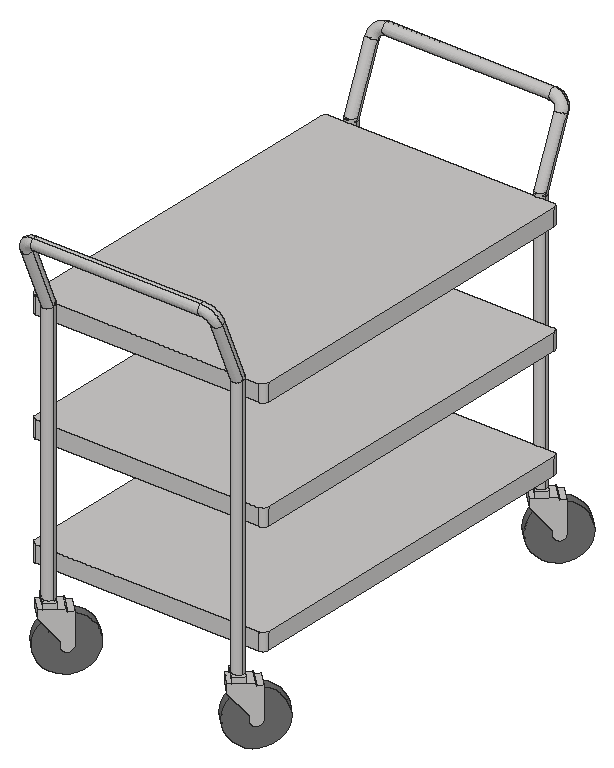
Revit family "QF_Vollrath_97106", category Specialty Equipment, Revit 2016
Family settings
  Part Type = Normal
  Round Connector Dimension = Use Diameter
  OmniClass Number = 23.40.40.14.17
  OmniClass Title = Food Cooking Equipment
  Work Plane-Based = No
  Always vertical = Yes
  Cut with Voids When Loaded = No
  Shared = No
  Room Calculation Point = No
Parameters (values of type "97106")
  Width [instance] = 21.00"
  Weight in Pounds = 49.6
  Watermarked By = "http://revitwatermark.com"
  URL Cutsheet = ""
  URL = ""
  Status [instance] = ""
  Specification by User [instance] = ""
  Specification by Manufacturer [instance] = ""
  Serial Number [instance] = ""
  Seismic Rating [instance] = ""
  Revision Code [instance] = ""
  NAFEM Spec ID Number [instance] = ""
  Model = "97106"
  Masterspec = ""
  Manufacturer = "Vollrath"
  Item Number [instance] = "-"
  Installed By [instance] = ""
  Identify Quantity as Lot [instance] = no
  Furnished By [instance] = ""
  Foodservice Equipment Identifier [instance] = yes
  Description = "Cart, Utility"
  Depth [instance] = 39.25"
  CSI MasterFormat = "11 48 13"
  Assembly Code = "E1090320"
Reference planes (in)
  plane 1 "BACK": y = -4.62
  plane 2: z = 0
  plane 3 "LEFT": x = 0
  plane 4 "RIGHT": x = 21
  plane 5 "FRONT": y = -45.12
  plane 6: x = 2
  plane 7: y = -5.62
  plane 8: x = 19
  plane 9: y = -44.12
  plane 10: y = -24.87
  plane 11 "TOP": z = 36.5
  plane 12: y = -8.37
  plane 13: y = -41.37
  plane 14: z = 7.96
  plane 15: z = 9.46
  plane 16: z = 17.96
  plane 17: z = 19.46
  plane 18: z = 27.96
  plane 19: z = 29.46
  plane 20: y = -7.87
  plane 21: y = -41.87
Forms (in)
  Extrusion 1, solid, material "QF_Finishes_Stainless Steel"
    sketch origin (0, 0, 16.75) x (-1, 0, 0) y (0, -1, 0)
      loop
        arc (-20.5, 41.37) -> (-20.85355, 41.22355) -> (-21, 40.87) r 0.5
        line (-21, 40.87) -> (-21, 8.87)
        arc (-21, 8.87) -> (-20.85355, 8.51645) -> (-20.5, 8.37) r 0.5
        line (-20.5, 8.37) -> (-0.5, 8.37)
        arc (-0.5, 8.37) -> (-0.14645, 8.51645) -> (0, 8.87) r 0.5
        line (0, 8.87) -> (0, 40.87)
        arc (0, 40.87) -> (-0.14645, 41.22355) -> (-0.5, 41.37) r 0.5
        line (-0.5, 41.37) -> (-20.5, 41.37)
    from -8.79 to -7.29
  Extrusion 2, solid, material "QF_Finishes_Stainless Steel"
    sketch origin (0, 0, 26.75) x (-1, 0, 0) y (0, -1, 0)
      loop
        arc (-20.5, 41.37) -> (-20.85355, 41.22355) -> (-21, 40.87) r 0.5
        line (-21, 40.87) -> (-21, 8.87)
        arc (-21, 8.87) -> (-20.85355, 8.51645) -> (-20.5, 8.37) r 0.5
        line (-20.5, 8.37) -> (-0.5, 8.37)
        arc (-0.5, 8.37) -> (-0.14645, 8.51645) -> (0, 8.87) r 0.5
        line (0, 8.87) -> (0, 40.87)
        arc (0, 40.87) -> (-0.14645, 41.22355) -> (-0.5, 41.37) r 0.5
        line (-0.5, 41.37) -> (-20.5, 41.37)
    from -8.79 to -7.29
  Extrusion 3, solid, material "QF_Finishes_Stainless Steel"
    sketch origin (0, 0, 36.75) x (-1, 0, 0) y (0, -1, 0)
      loop
        arc (-20.5, 41.37) -> (-20.85355, 41.22355) -> (-21, 40.87) r 0.5
        line (-21, 40.87) -> (-21, 8.87)
        arc (-21, 8.87) -> (-20.85355, 8.51645) -> (-20.5, 8.37) r 0.5
        line (-20.5, 8.37) -> (-0.5, 8.37)
        arc (-0.5, 8.37) -> (-0.14645, 8.51645) -> (0, 8.87) r 0.5
        line (0, 8.87) -> (0, 40.87)
        arc (0, 40.87) -> (-0.14645, 41.22355) -> (-0.5, 41.37) r 0.5
        line (-0.5, 41.37) -> (-20.5, 41.37)
    from -8.79 to -7.29
  Extrusion 4, solid, material "QF_Finishes_Stainless Steel"
    sketch origin (0, 0, 16.75) x (-1, 0, 0) y (0, -1, 0)
      loop
        circle (-2, 7.87) r 0.5
      loop
        circle (-19, 7.87) r 0.5
      loop
        circle (-19, 41.87) r 0.5
      loop
        circle (-2, 41.87) r 0.5
    from -13.30537 to 13
  Sweep 5, solid, material "QF_Finishes_Stainless Steel"
    path origin (0, -30.32619, 2.39048) x (1, 0, 0) y (0, -0.390731, 0.920505)
      loop
        line (2, 29.46) -> (2, 35.5)
        arc (2, 35.5) -> (2.29289, 36.20711) -> (3, 36.5) r 1
        line (3, 36.5) -> (18, 36.5)
        arc (18, 36.5) -> (18.70711, 36.20711) -> (19, 35.5) r 1
        line (19, 35.5) -> (19, 29.46)
    profile origin (2, -43.01714, 32.28848) x (-1, 0, 0) y (0, -0.920505, -0.390731)
      loop
        circle (0, 0) r 0.5
  Sweep 6, solid, material "QF_Finishes_Stainless Steel"
    path origin (0, -19.41381, 2.39048) x (1, 0, 0) y (0, -0.390731, -0.920505)
      loop
        line (2, -29.46) -> (2, -35.5)
        arc (2, -35.5) -> (2.29289, -36.20711) -> (3, -36.5) r 1
        line (3, -36.5) -> (18, -36.5)
        arc (18, -36.5) -> (18.70711, -36.20711) -> (19, -35.5) r 1
        line (19, -35.5) -> (19, -29.46)
    profile origin (2, -6.72286, 32.28848) x (1, 0, 0) y (0, 0.920505, -0.390731)
      loop
        circle (0, 0) r 0.5
Lines and regions (in)
  symbolic lines
    curve 1: line (20.5, -8.37, 16.75) -> (0.5, -8.37, 16.75)
    curve 2: line (0.5, -41.37, 16.75) -> (20.5, -41.37, 16.75)
    curve 3: line (21, -40.87, 16.75) -> (21, -8.87, 16.75)
    curve 4: line (0, -8.87, 16.75) -> (0, -40.87, 16.75)
    curve 5: arc (0, -40.87, 16.75) -> (0.14645, -41.22355, 16.75) -> (0.5, -41.37, 16.75) r 0.5
    curve 6: arc (20.5, -41.37, 16.75) -> (20.85355, -41.22355, 16.75) -> (21, -40.87, 16.75) r 0.5
    curve 7: arc (0.5, -8.37, 16.75) -> (0.14645, -8.51645, 16.75) -> (0, -8.87, 16.75) r 0.5
    curve 8: arc (21, -8.87, 16.75) -> (20.85355, -8.51645, 16.75) -> (20.5, -8.37, 16.75) r 0.5
    curve 9: line (1.5, -8.37, 16.75) -> (1.5, -5.62, 16.75)
    curve 10: arc (1.5, -5.62, 16.75) -> (1.79289, -4.91289, 16.75) -> (2.5, -4.62, 16.75) r 1
    curve 11: line (2.5, -4.62, 16.75) -> (18, -4.62, 16.75)
    curve 12: arc (19.5437, -5.73744, 16.75) -> (18.95285, -4.92868, 16.75) -> (18, -4.62, 16.75) r 1.625
    curve 13: line (19.5437, -5.73744, 16.75) -> (19.5437, -8.37, 16.75)
    curve 14: line (18.5437, -8.37, 16.75) -> (18.5437, -5.62, 16.75)
    curve 15: line (18.5437, -5.62, 16.75) -> (2.5437, -5.62, 16.75)
    curve 16: line (2.5437, -5.62, 16.75) -> (2.5437, -8.37, 16.75)
    curve 17: line (1.5, -41.37, 16.75) -> (1.5, -44.12, 16.75)
    curve 18: arc (1.5, -44.12, 16.75) -> (1.79289, -44.82711, 16.75) -> (2.5, -45.12, 16.75) r 1
    curve 19: line (2.5, -45.12, 16.75) -> (18, -45.12, 16.75)
    curve 20: arc (19.5437, -44.00256, 16.75) -> (18.95285, -44.81132, 16.75) -> (18, -45.12, 16.75) r 1.625
    curve 21: line (19.5437, -44.00256, 16.75) -> (19.5437, -41.37, 16.75)
    curve 22: line (18.5437, -41.37, 16.75) -> (18.5437, -44.12, 16.75)
    curve 23: line (18.5437, -44.12, 16.75) -> (2.5437, -44.12, 16.75)
    curve 24: line (2.5437, -44.12, 16.75) -> (2.5437, -41.37, 16.75)
Dimensions and locks (in)
  "Width": plane 3 "LEFT" to plane 4 "RIGHT"
  plane 7 to plane 1 "BACK" = 1.00"
  locked: plane 5 "FRONT" to plane 9 at 1
  plane 3 "LEFT" to plane 6 = 2.00"
  locked: plane 8 to plane 4 "RIGHT" at 2
  plane 5 "FRONT" to plane 1 "BACK" = 40.50"
  plane 11 "TOP" to level = 36.50"
  equal spacing: plane 1 "BACK", plane 10, plane 5 "FRONT"
  plane 20 to plane 7 = 2.25"
  plane 9 to plane 21 = 2.25"
  plane 12 to plane 20 = 0.50"
  plane 21 to plane 13 = 0.50"
  aligned and locked: level to plane 2
Automatic sketch dimensions
  Extrusion 1 sketch curve to plane 4 "RIGHT" = 0.00"
  plane 12 to Extrusion 1 sketch curve = 0.00"
  plane 13 to Extrusion 1 sketch curve = 0.00"
  Extrusion 1 sketch curve to plane 3 "LEFT" = 0.00"
  Extrusion 1 sketch curve to Extrusion 1 sketch curve = 0.50"
  Extrusion 1 sketch curve to plane 4 "RIGHT" = 0.50"
  plane 3 "LEFT" to Extrusion 1 sketch curve = 0.50"  (x2)
  Extrusion 2 sketch curve to plane 4 "RIGHT" = 0.00"
  plane 12 to Extrusion 2 sketch curve = 0.00"
  plane 13 to Extrusion 2 sketch curve = 0.00"
  Extrusion 2 sketch curve to plane 3 "LEFT" = 0.00"
  Extrusion 2 sketch curve to Extrusion 2 sketch curve = 0.50"
  Extrusion 2 sketch curve to plane 4 "RIGHT" = 0.50"
  plane 3 "LEFT" to Extrusion 2 sketch curve = 0.50"  (x2)
  Extrusion 3 sketch curve to plane 4 "RIGHT" = 0.00"
  plane 12 to Extrusion 3 sketch curve = 0.00"
  plane 13 to Extrusion 3 sketch curve = 0.00"
  Extrusion 3 sketch curve to plane 3 "LEFT" = 0.00"
  Extrusion 3 sketch curve to Extrusion 3 sketch curve = 0.50"
  Extrusion 3 sketch curve to plane 4 "RIGHT" = 0.50"
  plane 3 "LEFT" to Extrusion 3 sketch curve = 0.50"  (x2)
  Extrusion 4 sketch curve to plane 8 = 0.00"  (x2)
  Extrusion 4 sketch curve to plane 6 = 0.00"  (x2)
  plane 20 to Extrusion 4 sketch curve = 0.00"  (x2)
  plane 21 to Extrusion 4 sketch curve = 0.00"  (x2)
  Sweep 5 sketch curve to plane 6 = 0.00"
  Sweep 5 sketch curve to plane 8 = 0.00"
  plane 6 to Sweep 5 sketch curve = 1.00"
  Sweep 5 sketch curve to plane 8 = 1.00"
  Sweep 5 sketch curve to Sweep 5 sketch curve = 0.00"
  Sweep 5 sketch curve to Sweep 5 sketch curve = 6.04"
  Sweep 5 sketch curve to profile plane = 0.00"
  profile plane to Sweep 5 sketch curve = 0.00"
  Sweep 6 sketch curve to plane 6 = 0.00"
  Sweep 6 sketch curve to plane 8 = 0.00"
  plane 6 to Sweep 6 sketch curve = 1.00"
  Sweep 6 sketch curve to plane 8 = 1.00"
  Sweep 6 sketch curve to Sweep 6 sketch curve = 6.04"  (x2)
  Sweep 6 sketch curve to profile plane = 0.00"  (x2)
  curve 8 to plane 4 "RIGHT" = 0.00"
  plane 13 to curve 2 = 0.00"
  plane 12 to curve 1 = 0.00"
  plane 7 to curve 14 = 0.00"
  plane 9 to curve 23 = 0.00"
  plane 5 "FRONT" to curve 20 = 0.00"
  plane 1 "BACK" to curve 12 = 0.00"
  plane 9 to curve 18 = 0.00"
  plane 7 to curve 10 = 0.00"
  curve 5 to plane 3 "LEFT" = 0.00"
  curve 2 to plane 4 "RIGHT" = 0.50"
  curve 1 to plane 4 "RIGHT" = 0.50"
  plane 8 to curve 13 = 0.5437"
  curve 20 to plane 9 = 0.11744"
  plane 8 to curve 20 = 0.5437"
  curve 14 to plane 8 = 0.4563"
  curve 23 to plane 8 = 0.4563"
  curve 20 to plane 8 = 1.00"
  curve 12 to plane 8 = 1.00"
  plane 6 to curve 23 = 0.5437"
  plane 6 to curve 15 = 0.5437"
  plane 6 to curve 10 = 0.50"
  plane 6 to curve 19 = 0.50"
  plane 3 "LEFT" to curve 7 = 0.50"
  plane 3 "LEFT" to curve 2 = 0.50"
  plane 7 to curve 12 = 0.11744"
  radius of Extrusion 4 sketch curve = 0.50"  (x4)
  radius of Sweep 5 sketch curve = 0.50"
  radius of Sweep 6 sketch curve = 0.50"
Nested families (in)
  nested 1: "FESCaster" at (2, -7.87, 0), type "FESCaster"
    with Height 6.00", Caster Radius 2.50"
  nested 2: "FESCaster" at (19, -7.87, 0), type "FESCaster"
    with Height 6.00", Caster Radius 2.50"
  nested 3: "FESCaster" at (2, -41.87, 0), type "FESCaster"
    with Height 6.00", Caster Radius 2.50"
  nested 4: "FESCaster" at (19, -41.87, 0), type "FESCaster"
    with Height 6.00", Caster Radius 2.50"
Definition of nested family "FESCaster"
  Parameters
    Watermarked By = "http://revitwatermark.com"
    Type Comments = "⍁⍉⌁⌀⏭⎽⌇⍠⌜⍉⎖⌥⌦⌯⍭⏊⍻⍿⍊⏵⍊⏗⏠⍴⎡⌈⎀⍠⌓⌤⏘⎐⍀⌐⏬⏁⎈⏍⏦⎒⏬⌝⍩⍇⌣〈⎫〉⎁⏊⍥⍖⍥⍝⍦⌖⍀⏌⏭⎝⎼⏷⏞⍻⏯⎽⏷⏞⍻⏯⎽⏷⎺⌻⎝⍎⌧⏷⏟⏿⌿⍜⍦⍤⌁⍬⏶⏎⍊⏚⏉⎞⌡⎀⎪⏈⌟⌿⍾⍼⌟⌿⌢⌞⏞⏝⌻⎸⎻⎷⎳⎻⎛⌞⌼⏚⍿⏸⍨⏷⍡⍺⏼⏅⎏⌽⌻⍽⎝⍮⎧⍏⏳⏲⎼⏈⏋⏙⎏⏽⏘⍹⏞⌜⏼⍴⏶⏮⏿⌁"
    Height [instance] = 6.00"
    Caster Radius [instance] = if(Height < 3.00", 1.00", (Height / 2) - 0.50")  # 2.50"
    Assembly Code = ""
  Reference planes (in)
    plane 1 "Center (Front/Back)": y = 0
    plane 2: z = 0
    plane 3 "Center (Left/Right)": x = 0
    plane 4: z = 6
    plane 5: z = 5.5
  Forms (in)
    Extrusion 1, solid
      sketch origin (-24.12131, -22.88887, 10.18833) x (0.707107, 0.707107, 0) y (0, 0, 1)
        loop
          line (34.98772, -7.68833) -> (34.98772, -4.93833) -> (34.48772, -4.93833) -> (34.39402, -4.68833) -> (32.39402, -4.68833) -> (32.39402, -5.43833) -> (33.98772, -7.34206) -> (33.98772, -7.68833)
          arc (33.98772, -7.68833) -> (34.48772, -8.18833) -> (34.98772, -7.68833) r 0.5
      from 0 to 1.75
    Extrusion 2, solid
      sketch origin (-24.32327, -23.09083, 13.31461) x (0.707107, 0.707107, 0) y (0, 0, 1)
        loop
          circle (34.77334, -10.81461) r 2.5
      from 0.375 to 1.375
    Extrusion 3, solid
      sketch origin (-7.24148, -8.48391, 0) x (0.707107, 0.707107, 0) y (0, 0, 1)
        loop
          line (10.61603, 5.5) -> (11.61603, 5.5) -> (11.61603, 6) -> (10.61603, 6) -> (10.61603, 5.5)
      from 0 to -1.75
  Lines and regions (in)
    symbolic lines
      curve 1: line (-1.26158, -0.51911, 0) -> (1.39007, 2.13254, 0)
      curve 2: line (-0.53429, -1.24639, 0) -> (2.11736, 1.40526, 0)
      curve 3: line (-1.26158, -0.51911, 0) -> (1.39007, 2.13254, 0)
      curve 4: line (-0.53429, -1.24639, 0) -> (2.11736, 1.40526, 0)
  Dimensions and locks (in)
    locked: plane 4 to plane 5 at 0.5
    "Height": plane 4 to level
    "Caster Radius": Extrusion 2 sketch curve to level
    "Caster Radius": Extrusion 1 sketch curve to level
    "Caster Radius": radius of Extrusion 2 sketch curve
    aligned and locked: plane 2 to level
    aligned and locked: Extrusion 3 to plane 5
    aligned and locked: plane 4 to Extrusion 3
    aligned and locked: plane 5 to Extrusion 1
  Automatic sketch dimensions
    plane 1 "Center (Front/Back)" to curve 3 = 0.51911"
    curve 3 to plane 3 "Center (Left/Right)" = 1.26158"
    plane 1 "Center (Front/Back)" to curve 1 = 0.51911"
    curve 1 to curve 3 = 0.00"  (x3)
    curve 4 to plane 3 "Center (Left/Right)" = 0.53429"
    curve 2 to curve 4 = 0.00"  (x2)
    plane 3 "Center (Left/Right)" to curve 3 = 1.39007"
    curve 1 to curve 4 = 0.72729"
    curve 2 to curve 1 = 0.72729"
    curve 4 to curve 2 = 0.00"  (x2)
    curve 2 to plane 1 "Center (Front/Back)" = 1.40526"
    curve 2 to curve 3 = 0.72729"
    plane 5 to Extrusion 1 sketch curve = 0.00"
    Extrusion 1 sketch curve to Extrusion 1 sketch curve = 1.5937"
    Extrusion 1 sketch curve to Extrusion 1 sketch curve = 2.00"
    Extrusion 1 sketch curve to Extrusion 1 sketch curve = 0.0937"
    Extrusion 1 sketch curve to Extrusion 1 sketch curve = 0.50"
    Extrusion 1 sketch curve to Extrusion 1 sketch curve = 0.34627"
    Extrusion 1 sketch curve to plane 5 = 0.75"
    Extrusion 1 sketch curve to plane 5 = 0.25"
    Extrusion 3 sketch curve to plane 5 = 0.00"
    plane 4 to Extrusion 3 sketch curve = 0.00"
    Extrusion 3 sketch curve to Extrusion 3 sketch curve = 1.00"
